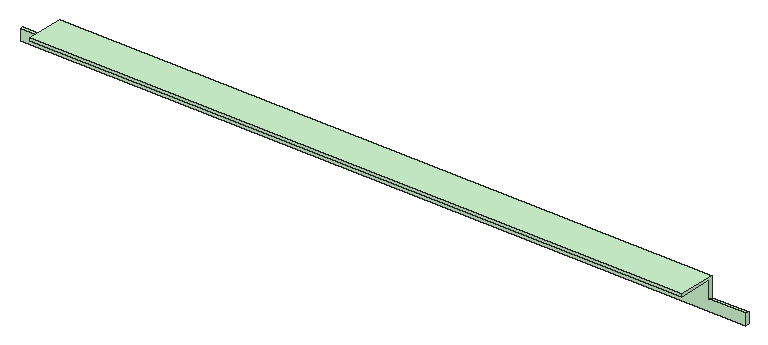
Revit family "tenkenko_l394", category 機械設備, Revit 2022
Family settings
  丸型コネクタ寸法 = 直径を使用
  種別 = なし
  パーツ タイプ = 標準
  作業面ベース = いいえ
  常に垂直 = はい
  ロード時にボイドで切り取り = いいえ
  注釈の向きを維持 = いいえ
  共有 = いいえ
  部屋計算ポイント = いいえ
Parameters
  製造元 = "株式会社桐井製作所"
  既定の高さ = 0 mm
  URL = "https://www.kirii.co.jp/"
  K_材質 = "アルミ押出形材　A6063S-T5"
  K_品名 = "点検口小口L=394"
  K_名称 = "点検口金具"
  K_入数 = "500"
  K_バージョン情報 = "20220915"
Reference planes
  plane 1 "中心(正面/背面)": y = 0
  plane 2: z = 0
  plane 3 "中心(左/右)": x = 0
Forms (mm)
  Extrusion 1, solid
    sketch origin (0, -10.8, 0) x (0, 1, 0) y (0, 0, -1)
      loop
        line (10.8, 0) -> (9.3, 0) -> (9.3, -15) -> (-9.2, -15) -> (-9.2, -16.5) -> (10.8, -16.5) -> (10.8, 0)
    from -197 to 197
  Extrusion 2, void
    sketch origin (0, 0, 0) x (1, 0, 0) y (0, 0, 1)
      loop
        line (-197, 16.5) -> (-197, 6) -> (-177, 6) -> (-177, 16.5) -> (-197, 16.5)
    from 0 to 20
  Extrusion 3, void
    sketch origin (0, 0, 0) x (-1, 0, 0) y (0, 0, -1)
      loop
        line (-197, -16.5) -> (-177, -16.5) -> (-177, -6) -> (-197, -6) -> (-197, -16.5)
    from 0 to 20
Cuts and joins
  Extrusion 2, Extrusion 3 cuts Extrusion 1
Dimensions and locks
  aligned and locked: level to plane 2
